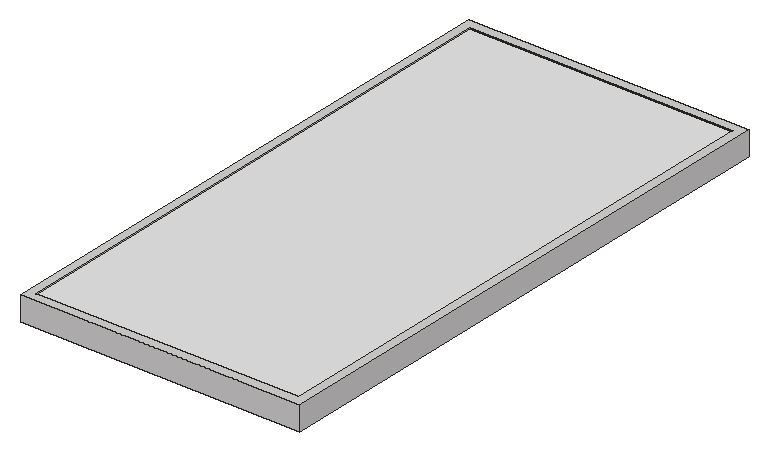
Revit family "Sanitary_Mirrors_Sloan-Valve_MF-Angle-Framew", category Furniture, host Face, Revit 2021
Family settings
  Host = Face
  OmniClass Number = 23.40.95.17.17
  OmniClass Title = Mirrors
  Cut with Voids When Loaded = No
  Shared = No
  Room Calculation Point = No
Parameters (values of type "MF Angle Frame-18x36-BN")
  z_Wall Panel Width 2 = if(or(Real Height < 7.87402", Real Width < 7.87402"), 0.55118", 1.49606")  # 1.49606"
  z_Wall Panel Width 1 = if(or(Real Height < 7.87402", Real Width < 7.87402"), 0.55118", 1.9685")  # 1.9685"
  z_Wall Panel Left Offset = if(or(Real Height < 7.87402", Real Width < 7.87402"), 0.3937", 1.72008")  # 1.72008"
  z_Wall Panel Top Offset = if(or(Real Height < 7.87402", Real Width < 7.87402"), 0.3937", 0.86614")  # 0.86614"
  z_Cutout Width = if(or(Real Height < 7.87402", Real Width < 7.87402"), Real Width / 5, 1.49606")  # 1.49606"
  z_Cutout Height = if(or(Real Height < 7.87402", Real Width < 7.87402"), Real Height / 5, 2.55906")  # 2.55906"
  z_Case Back Width = Real Width - 0.44882"  # 17.55118"
  z_Case Back Height = Real Height - 0.44882"  # 35.55118"
  Weight = 28.00 lbf
  URL = "www.sloanvalve.com"
  Real Width = if(Width < 6", 6", Width)  # 18"
  Real Height = if(Height < 6", 6", Height)  # 36"
  Width = 18"
  Version = 1
  Product data url = "https://bimobject.com/sloan_valve/product/mf-Angle-frame-wall-hung-mirror"
  Product Material = Sloan Valve - Finish - Brushed Nickel
  Part Number = "32910028"
  Model = "MF Angle Frame-18x36-BN"
  Manufacturer = "Sloan Valve"  # constant formula
  Height = 36"
  Description = "18\" x 36\", Brushed Nickel, Sloan 11/16\" Wall-hung Angle Frame Mirror."
  Depth = 0.82677"  # constant formula
  Default Elevation = 48"
  Date Updated = ""
  Date Created = "2024/06/13"  # constant formula
  Custom Size Note = "Please reach out to Sloan Valve Company for information on custom sizes."  # constant formula
Types (6): name | z_Case Back Width | Weight | Real Width | Width | Product Material | Part Number | Model | Description
  MF Angle Frame-18x36-BN | 17.55118" | 28.00 lbf | 18" | 18" | Sloan Valve - Finish - Brushed Nickel | "32910028" | "MF Angle Frame-18x36-BN" | "18\" x 36\", Brushed Nickel, Sloan 11/16\" Wall-hung Angle Frame Mirror."
  MF Angle Frame-24x36-CP | 23.55118" | 36.00 lbf | 24" | 24" | Sloan Valve - Finish - Polished Chrome | "32910015" | "MF Angle Frame-24x36-CP" | "24\" x 36\", Polished Chrome, Sloan 11/16\" Wall-hung Angle Frame Mirror."
  MF Angle Frame-24x36-GR | 23.55118" | 36.00 lbf | 24" | 24" | Sloan Valve - Finish - Graphite | "32910011" | "MF Angle Frame-24x36-GR" | "24\" x 36\", Graphite, Sloan 11/16\" Wall-hung Angle Frame Mirror."
  MF Angle Frame-18x36-GR | 17.55118" | 28.00 lbf | 18" | 18" | Sloan Valve - Finish - Graphite | "32910026" | "MF Angle Frame-18x36-GR" | "18\" x 36\", Graphite, Sloan 11/16\" Wall-hung Angle Frame Mirror."
  MF Angle Frame-24x36-BN | 23.55118" | 36.00 lbf | 24" | 24" | Sloan Valve - Finish - Brushed Nickel | "32910013" | "MF Angle Frame-24x36-BN" | "24\" x 36\", Brushed Nickel, Sloan 11/16\" Wall-hung Angle Frame Mirror."
  MF Angle Frame-18x36-CP | 17.55118" | 28.00 lbf | 18" | 18" | Sloan Valve - Finish - Polished Chrome | "32910030" | "MF Angle Frame-18x36-CP" | "18\" x 36\", Polished Chrome, Sloan 11/16\" Wall-hung Angle Frame Mirror."
Reference planes (in)
  plane 1 "Center (Front/Back)": y = 0
  plane 2: z = 0
  plane 3 "Center (Left/Right)": x = 0
  plane 4: y = 18
  plane 5: y = -18
  plane 6: x = -9
  plane 7: x = 9
  plane 8: z = 1.62205
  plane 9: z = 1.24803
  plane 10: y = 17.77559
  plane 11: y = -17.77559
  plane 12: x = 8.77559
  plane 13: x = -8.77559
  plane 14: y = 15.21654
  plane 15: y = -15.21654
  plane 16: x = -7.27953
  plane 17: x = 7.27953
  plane 18: z = 0.06693
  plane 19: y = 17.13386
  plane 20: y = -17.13386
  plane 21: x = -7.27992
  plane 22: x = 7.27992
Forms (in)
  Sweep 1, solid, material "Sloan Valve - Finish - Brushed Nickel" <- "Product Material"
    path origin (0, 0, 0) x (1, 0, 0) y (0, 1, 0)
      loop
        line (-9, 18) -> (-9, -18) -> (9, -18) -> (9, 18) -> (-9, 18)
    profile origin (0, 18, 0) x (0, 1, 0) y (0, 0, 1)
      loop
        line (-0.56299, 1.62205) -> (-0.56299, 1.54331) -> (-0.22441, 1.54331) -> (-0.22441, 0.06693) -> (0, 0.06693) -> (0, 1.62205) -> (-0.56299, 1.62205)
  Extrusion 2, solid, material "Sloan Valve - Glass - Mirror"
    sketch origin (0, 0, 0) x (1, 0, 0) y (0, 1, 0)
      loop
        line (-8.6248, 17.6248) -> (-8.6248, -17.6248) -> (8.6248, -17.6248) -> (8.6248, 17.6248) -> (-8.6248, 17.6248)
    from 1.24803 to 1.54331
  Extrusion 3, solid, material "Sloan Valve - Finish - Polished Chrome"
    sketch origin (0, 0, 0) x (1, 0, 0) y (0, 1, 0)
      loop
        line (-7.27953, 17.77559) -> (-7.27953, 15.21654) -> (-8.77559, 15.21654) -> (-8.77559, -15.21654) -> (-7.27953, -15.21654) -> (-7.27953, -17.77559) -> (7.27953, -17.77559) -> (7.27953, -15.21654) -> (8.77559, -15.21654) -> (8.77559, 15.21654) -> (7.27953, 15.21654) -> (7.27953, 17.77559) -> (-7.27953, 17.77559)
    from 0.06693 to 1.24803
  Extrusion 4, solid, material "Sloan Valve - Finish - Polished Chrome"
    sketch origin (0, 0, 0) x (1, 0, 0) y (0, 1, 0)
      loop
        line (-7.27992, 17.13386) -> (-7.27992, -17.13386) -> (7.27992, -17.13386) -> (7.27992, 17.13386) -> (-7.27992, 17.13386)
      loop
        line (-5.78386, 15.16535) -> (-5.78386, -15.16535) -> (5.78386, -15.16535) -> (5.78386, 15.16535) -> (-5.78386, 15.16535)
      loop
        circle (6.53189, -16.14961) r 0.09843
      loop
        circle (-6.53189, -16.14961) r 0.09843
      loop
        circle (6.53189, 16.14961) r 0.09843
      loop
        circle (-6.53189, 16.14961) r 0.09843
    from 0 to 0.06693
Lines and regions (in)
  Masking region 1
    outline origin (0, 0, 0) x (1, 0, 0) y (0, 0, 1)
      loop
        line (-9, 1.62205) -> (-9, 0.06693) -> (-7.27992, 0.06693) -> (-7.27992, 0) -> (7.27992, 0) -> (7.27992, 0.06693) -> (9, 0.06693) -> (9, 1.62205) -> (-9, 1.62205)
  symbolic lines, detail levels medium+fine
    curve 1: line (-7.27992, 0, 0.06693) -> (7.27992, 0, 0.06693)
Dimensions and locks (in)
  "Real Height": plane 4 to plane 5
  equal spacing: plane 4, plane 1 "Center (Front/Back)", plane 5
  equal spacing: plane 6, plane 3 "Center (Left/Right)", plane 7
  "Real Width": plane 6 to plane 7
  locked: profile plane to Sweep 1 sketch curve at 0.22441
  locked: plane 8 to Sweep 1 sketch curve at 0.07874
  locked: plane 4 to Extrusion 2 sketch curve at 0.3752
  locked: Extrusion 2 sketch curve to plane 5 at 0.3752
  locked: plane 6 to Extrusion 2 sketch curve at 0.3752
  locked: Extrusion 2 sketch curve to plane 7 at 0.3752
  locked: plane 8 to plane 9 at 0.37402
  "z_Case Back Height": plane 10 to plane 11
  equal spacing: plane 10, plane 1 "Center (Front/Back)", plane 11
  equal spacing: plane 13, plane 3 "Center (Left/Right)", plane 12
  "z_Case Back Width": plane 13 to plane 12
  "z_Cutout Width": plane 13 to plane 16
  "z_Cutout Width": plane 17 to plane 12
  "z_Cutout Height": plane 15 to plane 11
  "z_Cutout Height": plane 10 to plane 14
  locked: plane 18 to level at 0.06693
  plane 8 to plane 18 = 1.55512"
  "z_Wall Panel Width 2": Extrusion 4 sketch curve to Extrusion 4 sketch curve  (x2)
  "z_Wall Panel Width 1": Extrusion 4 sketch curve to Extrusion 4 sketch curve  (x2)
  equal spacing: plane 19, plane 1 "Center (Front/Back)", plane 20
  equal spacing: plane 21, plane 3 "Center (Left/Right)", plane 22
  "z_Wall Panel Top Offset": plane 4 to plane 19
  equal spacing: Extrusion 4 sketch curve, Extrusion 4 sketch curve, Extrusion 4 sketch curve  (x8)
  "z_Wall Panel Left Offset": Sweep 1 to Extrusion 4 sketch curve
  "z_Wall Panel Left Offset": plane 6 to plane 21
  locked: profile plane to Sweep 1 sketch curve at 0.56299
  aligned and locked: plane 2 to host face
  aligned and locked: level to host face
  aligned and locked: plane 6 to Sweep 1 sketch curve
  aligned and locked: plane 7 to Sweep 1 sketch curve
  aligned and locked: Sweep 1 sketch curve to plane 4
  aligned and locked: plane 5 to Sweep 1 sketch curve
  aligned and locked: plane 8 to Sweep 1 sketch curve
  aligned and locked: Sweep 1 sketch curve to profile plane
  aligned and locked: Extrusion 2 to Sweep 1
  aligned and locked: Extrusion 2 to plane 9
  aligned and locked: Extrusion 3 sketch curve to plane 11
  aligned and locked: Extrusion 3 sketch curve to plane 10
  aligned and locked: Extrusion 3 sketch curve to plane 13
  aligned and locked: Extrusion 3 sketch curve to plane 12
  aligned and locked: plane 16 to Extrusion 3 sketch curve  (x2)
  aligned and locked: Extrusion 3 sketch curve to plane 17
  aligned and locked: Extrusion 3 sketch curve to plane 14
  aligned and locked: plane 14 to Extrusion 3 sketch curve
  aligned and locked: Extrusion 3 sketch curve to plane 15  (x2)
  aligned and locked: plane 17 to Extrusion 3 sketch curve
  aligned and locked: Extrusion 3 to Extrusion 2
  aligned and locked: Extrusion 3 to plane 18
  aligned and locked: Extrusion 4 sketch curve to plane 19
  aligned and locked: Extrusion 4 sketch curve to plane 20
  aligned and locked: Extrusion 4 to level
  aligned and locked: Extrusion 4 to plane 18
  aligned and locked: Masking region 1 sketch curve to Sweep 1  (x3)
  aligned and locked: Masking region 1 sketch curve to Extrusion 4  (x2)
  aligned and locked: Masking region 1 sketch curve to plane 6
  aligned and locked: Masking region 1 to Extrusion 4
  aligned and locked: curve 1 to Masking region 1
  aligned and locked: Masking region 1 to curve 1
Automatic sketch dimensions
  host sketch curve to host sketch curve = 96"  (x2)
  level to Sweep 1 sketch curve = 0.06693"
  Masking region 1 sketch curve to plane 18 = 0"
  Masking region 1 sketch curve to Masking region 1 sketch curve = 1.72008"
  curve 1 to plane 18 = 0"
  Extrusion 4 sketch curve to plane 22 = 0"
  radius of Extrusion 4 sketch curve = 0.09843"  (x4)
